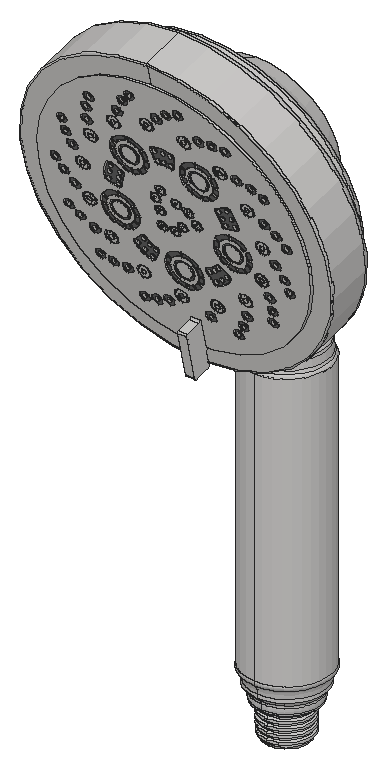
Revit family "VS-4600", category Generic Models, Revit 2023
Family settings
  Can host rebar = No
  Round Connector Dimension = Use Diameter
  Part Type = Normal
  Work Plane-Based = Yes
  Always vertical = Yes
  Cut with Voids When Loaded = No
  Maintain Annotation Orientation = No
  Shared = No
  Room Calculation Point = No
Parameters
  Rubber [instance] = Rubber, Black
  Finish = Stainless Steel, Polished
  Default Elevation = 4' - 0"
Reference planes (in)
  plane 1 "Center (Front/Back)": y = 0.34375
  plane 2: z = -0.12996
  plane 3 "Center (Left/Right)": x = 0
  plane 4: y = -0.52881
  plane 5: through (0, -0.49081, 0.19299) normal (0, 0.9758, -0.2186)
  plane 6: through (0, 0.22604, 0.03236) normal (0, 0.9758, -0.2186)
  plane 7: z = 5.43057
  plane 8: through (0, 0.279, 7.78009) normal (0, -0.9703, -0.2419)
  plane 9: through (0, -2.54616, 10.89836) normal (0, -0.2422, 0.9702)
Forms (in)
  Revolve 1, solid, material "Stainless Steel, Polished" <- "Finish"
    sketch origin (0, 1.07261, -0.01865) x (0, 0.965008, 0.26222) y (0, -0.26222, 0.965008)
      loop
        line (-0.59359, 0.59314) -> (-0.14626, 0.47159)
        arc (-0.14626, 0.47159) -> (-0.12584, 0.47656) -> (-0.10673, 0.48533) r 0.11007
        arc (-0.10673, 0.48533) -> (-0.09855, 0.50004) -> (-0.09254, 0.51577) r 0.11814
        arc (-0.09254, 0.51577) -> (-0.07194, 0.5567) -> (-0.06232, 0.60151) r 0.18032
        arc (-0.06232, 0.60151) -> (-0.04965, 0.63041) -> (-0.02195, 0.64553) r 0.04883
        line (-0.02195, 0.64553) -> (0.04373, 0.69152) -> (0.05731, 0.7521)
        arc (0.05731, 0.7521) -> (0.09657, 0.82497) -> (0.15638, 0.8822) r 0.2654
        arc (0.15638, 0.8822) -> (0.17967, 0.91189) -> (0.18223, 0.94953) r 0.0641
        line (0.18223, 0.94953) -> (-0.45006, 1.12134) -> (-0.59359, 0.59314)
      axis (-0.45006, 1.12134) -> (-0.59359, 0.59314)
    angle from 0 to 360
  Revolve 2, solid, material "Stainless Steel, Polished" <- "Finish"
    sketch origin (0.00076, 0.09521, 8.50788) x (0, -0.276979, 0.960876) y (0, -0.960876, -0.276979)
      loop
        line (-7.80654, 2.37805) -> (-7.83913, 2.38679) -> (-7.85098, 2.43102) -> (-7.88237, 2.43943) -> (-7.9098, 2.412) -> (-7.94018, 2.42015) -> (-7.95021, 2.45761) -> (-7.9816, 2.46602) -> (-8.00903, 2.4386) -> (-8.03941, 2.44674) -> (-8.04944, 2.4842) -> (-8.08084, 2.49261) -> (-8.10826, 2.46519) -> (-8.13864, 2.47333) -> (-8.14868, 2.51079) -> (-8.18007, 2.51921) -> (-8.21245, 2.48683) -> (-8.24814, 2.49645)
        arc (-8.24814, 2.49645) -> (-8.26432, 2.49434) -> (-8.27427, 2.4814) r 0.02131
        line (-8.27427, 2.4814) -> (-8.36657, 2.1612) -> (-7.85918, 2.01494) -> (-7.75016, 2.39315)
        arc (-7.75016, 2.39315) -> (-7.77633, 2.37805) -> (-7.80654, 2.37805) r 0.05837
      axis (-7.85918, 2.01494) -> (-8.36657, 2.1612)
    angle from 0 to 360
  Revolve 3, solid, material "Stainless Steel, Polished" <- "Finish"
    sketch origin (0, 0.41145, 0.33496) x (0, 0.998422, 0.056157) y (0, -0.056157, 0.998422)
      loop
        line (0.75137, 5.4642) -> (0.23958, 5.49298) -> (0.21699, 5.09146) -> (0.87321, 5.05455)
        arc (0.87321, 5.05455) -> (0.8617, 5.08397) -> (0.84082, 5.10767) r 0.0909
        line (0.84082, 5.10767) -> (0.82869, 5.15296) -> (0.82869, 5.27693) -> (0.82485, 5.32074)
        arc (0.82485, 5.32074) -> (0.80023, 5.36816) -> (0.75137, 5.38977) r 0.08061
        line (0.75137, 5.38977) -> (0.75137, 5.4642)
      axis (0.21699, 5.09146) -> (0.23958, 5.49298)
    angle from 0 to 360
  Revolve 4, solid, material "Stainless Steel, Polished" <- "Finish"
    sketch origin (0, 0.3125, 0) x (0, 1, 0) y (0, 0, 1)
      loop
        line (0.68694, 5.43057) -> (0.03125, 5.43057) -> (0.03125, 0.94544) -> (0.68694, 0.94544) -> (0.68694, 5.43057)
      axis (0.03125, 5.43057) -> (0.03125, 0.94544)
    angle from 0 to 360
  Revolve 5, solid, material "Stainless Steel, Polished" <- "Finish"
    sketch origin (0, 1.21411, 0.49925) x (0, 0.970294, 0.241928) y (0, -0.241928, 0.970294)
      loop
        line (-0.34167, 10.75758) -> (-0.34167, 8.49198) -> (0.8541, 8.49198) -> (0.8541, 9.61698)
        arc (0.8541, 9.61698) -> (0.32808, 10.05254) -> (-0.01468, 10.64325) r 1.94248
        arc (-0.01468, 10.64325) -> (-0.04467, 10.68233) -> (-0.09166, 10.69715) r 0.08191
        line (-0.09166, 10.69715) -> (-0.26777, 10.69715)
        arc (-0.26777, 10.69715) -> (-0.31904, 10.70984) -> (-0.34167, 10.75758) r 0.06166
      axis (-0.34167, 8.49198) -> (0.8541, 8.49198)
    angle from 0 to 360
  Revolve 6, solid, material "Stainless Steel, Polished" <- "Finish"
    sketch origin (0, 1.21411, 0.49925) x (0, 0.970294, 0.241928) y (0, -0.241928, 0.970294)
      loop
        arc (-1.08623, 11) -> (-1.1013, 10.99376) -> (-1.10754, 10.97869) r 0.02131
        line (-1.10754, 10.97869) -> (-1.10754, 8.48935) -> (-0.33814, 8.48935) -> (-0.33814, 10.93445)
        arc (-0.33814, 10.93445) -> (-0.36852, 10.98165) -> (-0.42157, 11) r 0.08586
        line (-0.42157, 11) -> (-1.08623, 11)
      axis (-0.33814, 8.48935) -> (-1.10754, 8.48935)
    angle from 0 to 360
  Extrusion 7, solid, material "Stainless Steel, Polished" <- "Finish"
    sketch origin (0, 1.21032, 0.49831) x (0, 0.970294, 0.241928) y (0, -0.241928, 0.970294)
      loop
        line (-1.17492, 6.72711) -> (-1.42149, 6.72711)
        arc (-1.42149, 6.72711) -> (-1.43623, 6.72101) -> (-1.44233, 6.70628) r 0.02083
        line (-1.44233, 6.70628) -> (-1.44233, 5.99937)
        arc (-1.44233, 5.99937) -> (-1.43355, 5.97817) -> (-1.41234, 5.96939) r 0.02998
        line (-1.41234, 5.96939) -> (-1.19415, 5.96939)
        arc (-1.19415, 5.96939) -> (-1.17108, 5.97895) -> (-1.16152, 6.00202) r 0.03263
        line (-1.16152, 6.00202) -> (-1.16152, 6.23403)
        arc (-1.16152, 6.23403) -> (-1.13089, 6.2577) -> (-1.09307, 6.26595) r 0.08813
        line (-1.09307, 6.26595) -> (-1.09307, 6.75614) -> (-1.1459, 6.75614)
        arc (-1.1459, 6.75614) -> (-1.1544, 6.73561) -> (-1.17492, 6.72711) r 0.02902
    from -0.0525 to 0.0929
  Extrusion 8, solid, material "Stainless Steel, Polished" <- "Finish"
    sketch origin (0, 0.10225, 0.22203) x (1, 0, 0) y (0, -0.241928, 0.970294)
      loop
        circle (0, 8.48935) r 2.1891
      loop
        arc (0.2677, 7.71357) -> (0.14987, 7.82826) -> (-0.00949, 7.86875) r 0.31793
        line (-0.00949, 7.86875) -> (-0.00959, 7.77203)
        arc (-0.00959, 7.77203) -> (0.10511, 7.74247) -> (0.18813, 7.65798) r 0.22123
        line (0.18813, 7.65798) -> (0.2677, 7.71357)
      loop
        circle (-0.00744, 7.5528) r 0.12469
      loop
        line (0.18756, 7.44269) -> (0.26701, 7.38694)
        arc (0.26701, 7.38694) -> (0.29869, 7.45813) -> (0.31211, 7.53489) r 0.31793
        line (0.31211, 7.53489) -> (0.21523, 7.53499)
        arc (0.21523, 7.53499) -> (0.20649, 7.48731) -> (0.18756, 7.44269) r 0.22123
      loop
        line (0.21569, 7.54385) -> (0.31243, 7.54375)
        arc (0.31243, 7.54375) -> (0.30315, 7.62738) -> (0.27227, 7.70566) r 0.31793
        line (0.27227, 7.70566) -> (0.19241, 7.64986)
        arc (0.19241, 7.64986) -> (0.21065, 7.5983) -> (0.21569, 7.54385) r 0.22123
      loop
        arc (0.1803, 7.43065) -> (0.14161, 7.38555) -> (0.09231, 7.35237) r 0.22123
        line (0.09231, 7.35237) -> (0.14815, 7.27246)
        arc (0.14815, 7.27246) -> (0.21002, 7.31704) -> (0.2595, 7.37507) r 0.31793
        line (0.2595, 7.37507) -> (0.1803, 7.43065)
      loop
        arc (0.0798, 7.34669) -> (0.03508, 7.33335) -> (-0.01145, 7.32969) r 0.22123
        line (-0.01145, 7.32969) -> (-0.01155, 7.23296)
        arc (-0.01155, 7.23296) -> (0.06427, 7.24064) -> (0.13608, 7.26613) r 0.31793
        line (0.13608, 7.26613) -> (0.0798, 7.34669)
      loop
        arc (-0.02128, 7.33018) -> (-0.07385, 7.34046) -> (-0.12242, 7.36307) r 0.22123
        line (-0.12242, 7.36307) -> (-0.17256, 7.28037)
        arc (-0.17256, 7.28037) -> (-0.09994, 7.24728) -> (-0.02138, 7.2333) r 0.31793
        line (-0.02138, 7.2333) -> (-0.02128, 7.33018)
      loop
        arc (-0.1332, 7.37023) -> (-0.17735, 7.4116) -> (-0.20864, 7.46338) r 0.22123
        line (-0.20864, 7.46338) -> (-0.28906, 7.40719)
        arc (-0.28906, 7.40719) -> (-0.24388, 7.34055) -> (-0.18342, 7.2874) r 0.31793
        line (-0.18342, 7.2874) -> (-0.1332, 7.37023)
      loop
        arc (-0.21138, 7.47005) -> (-0.22353, 7.51377) -> (-0.22651, 7.55905) r 0.22123
        line (-0.22651, 7.55905) -> (-0.32325, 7.55915)
        arc (-0.32325, 7.55915) -> (-0.31637, 7.48452) -> (-0.29221, 7.41358) r 0.31793
        line (-0.29221, 7.41358) -> (-0.21138, 7.47005)
      loop
        arc (-0.22609, 7.56669) -> (-0.21667, 7.61656) -> (-0.19613, 7.66298) r 0.22123
        line (-0.19613, 7.66298) -> (-0.27547, 7.71865)
        arc (-0.27547, 7.71865) -> (-0.30887, 7.64574) -> (-0.32296, 7.56679) r 0.31793
        line (-0.32296, 7.56679) -> (-0.22609, 7.56669)
      loop
        arc (-0.19124, 7.67091) -> (-0.11791, 7.74134) -> (-0.02083, 7.77153) r 0.22123
        line (-0.02083, 7.77153) -> (-0.02073, 7.8684)
        arc (-0.02073, 7.8684) -> (-0.16252, 7.82725) -> (-0.27044, 7.72648) r 0.31793
        line (-0.27044, 7.72648) -> (-0.19124, 7.67091)
      loop
        arc (-0.64602, 8.38057) -> (-0.75488, 8.48809) -> (-0.90136, 8.53231) r 0.31793
        line (-0.90136, 8.53231) -> (-0.90146, 8.43544)
        arc (-0.90146, 8.43544) -> (-0.79972, 8.40217) -> (-0.72551, 8.32503) r 0.22123
        line (-0.72551, 8.32503) -> (-0.64602, 8.38057)
      loop
        circle (-0.91932, 8.21673) r 0.12469
      loop
        line (-0.72518, 8.10509) -> (-0.64579, 8.04938)
        arc (-0.64579, 8.04938) -> (-0.61345, 8.12123) -> (-0.59977, 8.19883) r 0.31793
        line (-0.59977, 8.19883) -> (-0.69665, 8.19893)
        arc (-0.69665, 8.19893) -> (-0.70565, 8.15041) -> (-0.72518, 8.10509) r 0.22123
      loop
        line (-0.69615, 8.20917) -> (-0.59943, 8.20907)
        arc (-0.59943, 8.20907) -> (-0.60889, 8.29199) -> (-0.63961, 8.36959) r 0.31793
        line (-0.63961, 8.36959) -> (-0.71948, 8.3138)
        arc (-0.71948, 8.3138) -> (-0.70138, 8.26292) -> (-0.69615, 8.20917) r 0.22123
      loop
        arc (-0.73158, 8.09458) -> (-0.77171, 8.04821) -> (-0.82303, 8.01464) r 0.22123
        line (-0.82303, 8.01464) -> (-0.76709, 7.93457)
        arc (-0.76709, 7.93457) -> (-0.70327, 7.97969) -> (-0.65238, 8.03901) r 0.31793
        line (-0.65238, 8.03901) -> (-0.73158, 8.09458)
      loop
        arc (-0.83208, 8.01062) -> (-0.86632, 7.9995) -> (-0.90191, 7.99408) r 0.22123
        line (-0.90191, 7.99408) -> (-0.90201, 7.89721)
        arc (-0.90201, 7.89721) -> (-0.8372, 7.9071) -> (-0.7758, 7.93007) r 0.31793
        line (-0.7758, 7.93007) -> (-0.83208, 8.01062)
      loop
        arc (-0.91288, 7.99359) -> (-0.96713, 7.99923) -> (-1.01835, 8.01797) r 0.22123
        line (-1.01835, 8.01797) -> (-1.06858, 7.93513)
        arc (-1.06858, 7.93513) -> (-0.99323, 7.90604) -> (-0.91297, 7.89687) r 0.31793
        line (-0.91297, 7.89687) -> (-0.91288, 7.99359)
      loop
        arc (-1.03193, 8.02556) -> (-1.07588, 8.06051) -> (-1.10961, 8.10541) r 0.22123
        line (-1.10961, 8.10541) -> (-1.18912, 8.04985)
        arc (-1.18912, 8.04985) -> (-1.14205, 7.98989) -> (-1.08207, 7.94286) r 0.31793
        line (-1.08207, 7.94286) -> (-1.03193, 8.02556)
      loop
        arc (-1.11449, 8.11447) -> (-1.13052, 8.15574) -> (-1.138, 8.19938) r 0.22123
        line (-1.138, 8.19938) -> (-1.23488, 8.19948)
        arc (-1.23488, 8.19948) -> (-1.22281, 8.12672) -> (-1.1943, 8.05871) r 0.31793
        line (-1.1943, 8.05871) -> (-1.11449, 8.11447)
      loop
        arc (-1.13848, 8.20962) -> (-1.13395, 8.25961) -> (-1.11826, 8.3073) r 0.22123
        line (-1.11826, 8.3073) -> (-1.19833, 8.36348)
        arc (-1.19833, 8.36348) -> (-1.22648, 8.28893) -> (-1.2352, 8.20972) r 0.31793
        line (-1.2352, 8.20972) -> (-1.13848, 8.20962)
      loop
        arc (-1.11353, 8.31696) -> (-1.03134, 8.40436) -> (-0.91561, 8.436) r 0.22123
        line (-0.91561, 8.436) -> (-0.91551, 8.53271)
        arc (-0.91551, 8.53271) -> (-1.07595, 8.4903) -> (-1.19317, 8.37284) r 0.31793
        line (-1.19317, 8.37284) -> (-1.11353, 8.31696)
      loop
        arc (-0.30936, 9.45984) -> (-0.41613, 9.55643) -> (-0.55455, 9.59601) r 0.31793
        line (-0.55455, 9.59601) -> (-0.55465, 9.49914)
        arc (-0.55465, 9.49914) -> (-0.46089, 9.47065) -> (-0.38864, 9.40446) r 0.22123
        line (-0.38864, 9.40446) -> (-0.30936, 9.45984)
      loop
        circle (-0.57251, 9.28044) r 0.12469
      loop
        line (-0.37752, 9.17029) -> (-0.29808, 9.11454)
        arc (-0.29808, 9.11454) -> (-0.26638, 9.18575) -> (-0.25296, 9.26253) r 0.31793
        line (-0.25296, 9.26253) -> (-0.34983, 9.26263)
        arc (-0.34983, 9.26263) -> (-0.35859, 9.21493) -> (-0.37752, 9.17029) r 0.22123
      loop
        line (-0.34934, 9.27287) -> (-0.25261, 9.27278)
        arc (-0.25261, 9.27278) -> (-0.26464, 9.36527) -> (-0.30299, 9.4503) r 0.31793
        line (-0.30299, 9.4503) -> (-0.38234, 9.39485)
        arc (-0.38234, 9.39485) -> (-0.35695, 9.33627) -> (-0.34934, 9.27287) r 0.22123
      loop
        arc (-0.38476, 9.15829) -> (-0.42323, 9.11339) -> (-0.47222, 9.08028) r 0.22123
        line (-0.47222, 9.08028) -> (-0.4164, 9.00039)
        arc (-0.4164, 9.00039) -> (-0.35482, 9.04488) -> (-0.30556, 9.10271) r 0.31793
        line (-0.30556, 9.10271) -> (-0.38476, 9.15829)
      loop
        arc (-0.48526, 9.07433) -> (-0.53027, 9.06094) -> (-0.57709, 9.05735) r 0.22123
        line (-0.57709, 9.05735) -> (-0.57719, 8.96062)
        arc (-0.57719, 8.96062) -> (-0.50108, 8.96821) -> (-0.42898, 8.99377) r 0.31793
        line (-0.42898, 8.99377) -> (-0.48526, 9.07433)
      loop
        arc (-0.58634, 9.05782) -> (-0.63574, 9.06709) -> (-0.68177, 9.08727) r 0.22123
        line (-0.68177, 9.08727) -> (-0.73191, 9.00457)
        arc (-0.73191, 9.00457) -> (-0.66182, 8.97394) -> (-0.58644, 8.96094) r 0.31793
        line (-0.58644, 8.96094) -> (-0.58634, 9.05782)
      loop
        arc (-0.69826, 9.09787) -> (-0.74119, 9.13775) -> (-0.77215, 9.1875) r 0.22123
        line (-0.77215, 9.1875) -> (-0.85238, 9.13144)
        arc (-0.85238, 9.13144) -> (-0.80769, 9.06677) -> (-0.74849, 9.01504) r 0.31793
        line (-0.74849, 9.01504) -> (-0.69826, 9.09787)
      loop
        arc (-0.77645, 9.1977) -> (-0.78849, 9.2408) -> (-0.79162, 9.28544) r 0.22123
        line (-0.79162, 9.28544) -> (-0.88835, 9.28554)
        arc (-0.88835, 9.28554) -> (-0.88131, 9.21155) -> (-0.85728, 9.14122) r 0.31793
        line (-0.85728, 9.14122) -> (-0.77645, 9.1977)
      loop
        arc (-0.79116, 9.29433) -> (-0.78476, 9.33355) -> (-0.77145, 9.371) r 0.22123
        line (-0.77145, 9.371) -> (-0.85151, 9.42718)
        arc (-0.85151, 9.42718) -> (-0.87704, 9.3628) -> (-0.88803, 9.29443) r 0.31793
        line (-0.88803, 9.29443) -> (-0.79116, 9.29433)
      loop
        arc (-0.76626, 9.38152) -> (-0.68408, 9.46832) -> (-0.56874, 9.4997) r 0.22123
        line (-0.56874, 9.4997) -> (-0.56864, 9.59641)
        arc (-0.56864, 9.59641) -> (-0.72869, 9.55426) -> (-0.84587, 9.43738) r 0.31793
        line (-0.84587, 9.43738) -> (-0.76626, 9.38152)
      loop
        arc (0.82296, 9.4626) -> (0.70721, 9.56398) -> (0.5574, 9.59914) r 0.31793
        line (0.5574, 9.59914) -> (0.5573, 9.50242)
        arc (0.5573, 9.50242) -> (0.66247, 9.47825) -> (0.74369, 9.40721) r 0.22123
        line (0.74369, 9.40721) -> (0.82296, 9.4626)
      loop
        circle (0.55982, 9.28319) r 0.12531
      loop
        line (0.75416, 9.17191) -> (0.83357, 9.11619)
        arc (0.83357, 9.11619) -> (0.86576, 9.18789) -> (0.87937, 9.26529) r 0.31793
        line (0.87937, 9.26529) -> (0.78249, 9.26538)
        arc (0.78249, 9.26538) -> (0.77355, 9.21706) -> (0.75416, 9.17191) r 0.22123
      loop
        line (0.78298, 9.27511) -> (0.87971, 9.27502)
        arc (0.87971, 9.27502) -> (0.86729, 9.36945) -> (0.82745, 9.45596) r 0.31793
        line (0.82745, 9.45596) -> (0.74813, 9.40054)
        arc (0.74813, 9.40054) -> (0.77499, 9.34045) -> (0.78298, 9.27511) r 0.22123
      loop
        arc (0.74757, 9.16104) -> (0.70733, 9.11458) -> (0.65586, 9.08098) r 0.22123
        line (0.65586, 9.08098) -> (0.71181, 9.00089)
        arc (0.71181, 9.00089) -> (0.77577, 9.04605) -> (0.82676, 9.10547) r 0.31793
        line (0.82676, 9.10547) -> (0.74757, 9.16104)
      loop
        arc (0.64706, 9.07708) -> (0.60212, 9.0637) -> (0.55536, 9.0601) r 0.22123
        line (0.55536, 9.0601) -> (0.55526, 8.96337)
        arc (0.55526, 8.96337) -> (0.63131, 8.97098) -> (0.70334, 8.99653) r 0.31793
        line (0.70334, 8.99653) -> (0.64706, 9.07708)
      loop
        arc (0.54598, 9.06057) -> (0.49325, 9.0709) -> (0.44456, 9.09364) r 0.22123
        line (0.44456, 9.09364) -> (0.39443, 9.01094)
        arc (0.39443, 9.01094) -> (0.46716, 8.97772) -> (0.54589, 8.9637) r 0.31793
        line (0.54589, 8.9637) -> (0.54598, 9.06057)
      loop
        arc (0.43407, 9.10063) -> (0.39788, 9.1327) -> (0.36953, 9.17186) r 0.22123
        line (0.36953, 9.17186) -> (0.29002, 9.11631)
        arc (0.29002, 9.11631) -> (0.3316, 9.06197) -> (0.38384, 9.01779) r 0.31793
        line (0.38384, 9.01779) -> (0.43407, 9.10063)
      loop
        arc (0.36575, 9.17879) -> (0.34895, 9.22104) -> (0.34114, 9.26583) r 0.22123
        line (0.34114, 9.26583) -> (0.24427, 9.26593)
        arc (0.24427, 9.26593) -> (0.25667, 9.19203) -> (0.28602, 9.12309) r 0.31793
        line (0.28602, 9.12309) -> (0.36575, 9.17879)
      loop
        arc (0.34064, 9.27743) -> (0.34533, 9.32673) -> (0.36088, 9.37375) r 0.22123
        line (0.36088, 9.37375) -> (0.28082, 9.42993)
        arc (0.28082, 9.42993) -> (0.25282, 9.35604) -> (0.24392, 9.27753) r 0.31793
        line (0.24392, 9.27753) -> (0.34064, 9.27743)
      loop
        arc (0.36425, 9.38074) -> (0.43931, 9.46544) -> (0.54643, 9.50193) r 0.22123
        line (0.54643, 9.50193) -> (0.54653, 9.5988)
        arc (0.54653, 9.5988) -> (0.39457, 9.55161) -> (0.2845, 9.4367) r 0.31793
        line (0.2845, 9.4367) -> (0.36425, 9.38074)
      loop
        arc (1.18256, 8.36918) -> (1.06322, 8.4837) -> (0.9025, 8.52277) r 0.31793
        line (0.9025, 8.52277) -> (0.90241, 8.42602)
        arc (0.90241, 8.42602) -> (1.01847, 8.39794) -> (1.10303, 8.31362) r 0.22123
        line (1.10303, 8.31362) -> (1.18256, 8.36918)
      loop
        circle (0.90832, 8.20689) r 0.12469
      loop
        line (1.11123, 8.11228) -> (1.19128, 8.0561)
        arc (1.19128, 8.0561) -> (1.21686, 8.12054) -> (1.22787, 8.18899) r 0.31793
        line (1.22787, 8.18899) -> (1.131, 8.18908)
        arc (1.131, 8.18908) -> (1.12458, 8.14979) -> (1.11123, 8.11228) r 0.22123
      loop
        line (1.13146, 8.19806) -> (1.22819, 8.19796)
        arc (1.22819, 8.19796) -> (1.2189, 8.28153) -> (1.18803, 8.35975) r 0.31793
        line (1.18803, 8.35975) -> (1.10817, 8.30395)
        arc (1.10817, 8.30395) -> (1.1264, 8.25245) -> (1.13146, 8.19806) r 0.22123
      loop
        arc (1.10519, 8.10018) -> (1.07025, 8.05206) -> (1.02376, 8.01499) r 0.22123
        line (1.02376, 8.01499) -> (1.07924, 7.93558)
        arc (1.07924, 7.93558) -> (1.13857, 7.98359) -> (1.18474, 8.04436) r 0.31793
        line (1.18474, 8.04436) -> (1.10519, 8.10018)
      loop
        arc (1.01507, 8.01007) -> (0.97177, 7.99241) -> (0.92573, 7.98424) r 0.22123
        line (0.92573, 7.98424) -> (0.92564, 7.88737)
        arc (0.92564, 7.88737) -> (1.00078, 7.90013) -> (1.07072, 7.93042) r 0.31793
        line (1.07072, 7.93042) -> (1.01507, 8.01007)
      loop
        arc (0.91802, 7.98384) -> (0.8621, 7.98903) -> (0.80929, 8.00813) r 0.22123
        line (0.80929, 8.00813) -> (0.75907, 7.92529)
        arc (0.75907, 7.92529) -> (0.836, 7.89581) -> (0.91792, 7.88709) r 0.31793
        line (0.91792, 7.88709) -> (0.91802, 7.98384)
      loop
        arc (0.79772, 8.01451) -> (0.75258, 8.04983) -> (0.71803, 8.09556) r 0.22123
        line (0.71803, 8.09556) -> (0.63852, 8.04001)
        arc (0.63852, 8.04001) -> (0.68642, 7.97923) -> (0.74758, 7.93182) r 0.31793
        line (0.74758, 7.93182) -> (0.79772, 8.01451)
      loop
        arc (0.71433, 8.10234) -> (0.69747, 8.14466) -> (0.68964, 8.18953) r 0.22123
        line (0.68964, 8.18953) -> (0.59277, 8.18963)
        arc (0.59277, 8.18963) -> (0.60519, 8.11565) -> (0.63461, 8.04664) r 0.31793
        line (0.63461, 8.04664) -> (0.71433, 8.10234)
      loop
        arc (0.68926, 8.19673) -> (0.69339, 8.24827) -> (0.70938, 8.29745) r 0.22123
        line (0.70938, 8.29745) -> (0.62932, 8.35363)
        arc (0.62932, 8.35363) -> (0.60081, 8.2776) -> (0.5925, 8.19682) r 0.31793
        line (0.5925, 8.19682) -> (0.68926, 8.19673)
      loop
        arc (0.7137, 8.30631) -> (0.78868, 8.38972) -> (0.89493, 8.42563) r 0.22123
        line (0.89493, 8.42563) -> (0.89503, 8.5225)
        arc (0.89503, 8.5225) -> (0.74396, 8.47586) -> (0.63403, 8.36222) r 0.31793
        line (0.63403, 8.36222) -> (0.7137, 8.30631)
      loop
        line (-0.47055, 7.53682) -> (-0.37681, 7.71269)
        arc (-0.37681, 7.71269) -> (-0.37389, 7.74605) -> (-0.39591, 7.77128) r 0.04275
        arc (-0.39591, 7.77128) -> (-0.48916, 7.82949) -> (-0.56788, 7.90623) r 0.51329
        arc (-0.56788, 7.90623) -> (-0.6101, 7.92735) -> (-0.65414, 7.91036) r 0.0584
        line (-0.65414, 7.91036) -> (-0.78441, 7.78035)
        arc (-0.78441, 7.78035) -> (-0.80242, 7.74201) -> (-0.7917, 7.70103) r 0.0622
        arc (-0.7917, 7.70103) -> (-0.67851, 7.58428) -> (-0.53336, 7.511) r 0.4901
        arc (-0.53336, 7.511) -> (-0.49731, 7.5126) -> (-0.47055, 7.53682) r 0.05327
      loop
        circle (-0.52002, 7.58507) r 0.03322
      loop
        circle (-0.63165, 7.65791) r 0.03322
      loop
        circle (-0.72963, 7.73399) r 0.03322
      loop
        circle (-0.4439, 7.72201) r 0.03322
      loop
        circle (-0.53476, 7.7786) r 0.03322
      loop
        circle (-0.61912, 7.84623) r 0.03322
      loop
        line (-1.04896, 8.64566) -> (-0.85273, 8.61085)
        arc (-0.85273, 8.61085) -> (-0.8201, 8.61839) -> (-0.80291, 8.64712) r 0.04275
        arc (-0.80291, 8.64712) -> (-0.77636, 8.7538) -> (-0.7277, 8.85237) r 0.51329
        arc (-0.7277, 8.85237) -> (-0.72066, 8.89905) -> (-0.75043, 8.93569) r 0.0584
        line (-0.75043, 8.93569) -> (-0.91433, 9.01941)
        arc (-0.91433, 9.01941) -> (-0.95636, 9.02469) -> (-0.99202, 9.00183) r 0.0622
        arc (-0.99202, 9.00183) -> (-1.06808, 8.85811) -> (-1.09292, 8.69741) r 0.4901
        arc (-1.09292, 8.69741) -> (-1.08025, 8.66362) -> (-1.04896, 8.64566) r 0.05327
      loop
        circle (-1.01836, 8.70762) r 0.03322
      loop
        circle (-0.98357, 8.83629) r 0.03322
      loop
        circle (-0.94149, 8.95299) r 0.03322
      loop
        circle (-0.86459, 8.67754) r 0.03322
      loop
        circle (-0.83885, 8.78144) r 0.03322
      loop
        circle (-0.8006, 8.88256) r 0.03322
      loop
        line (-0.18558, 9.53623) -> (-0.1557, 9.33919)
        arc (-0.1557, 9.33919) -> (-0.13811, 9.3107) -> (-0.10538, 9.30362) r 0.04275
        arc (-0.10538, 9.30362) -> (0.00418, 9.31263) -> (0.11314, 9.29811) r 0.51329
        arc (0.11314, 9.29811) -> (0.15962, 9.30639) -> (0.18479, 9.34633) r 0.0584
        line (0.18479, 9.34633) -> (0.2116, 9.52841)
        arc (0.2116, 9.52841) -> (0.20314, 9.56992) -> (0.17006, 9.59638) r 0.0622
        arc (0.17006, 9.59638) -> (0.00955, 9.62239) -> (-0.15064, 9.59446) r 0.4901
        arc (-0.15064, 9.59446) -> (-0.17859, 9.57163) -> (-0.18558, 9.53623) r 0.05327
      loop
        circle (-0.11708, 9.52709) r 0.03322
      loop
        circle (0.01595, 9.53535) r 0.03322
      loop
        circle (0.13998, 9.53286) r 0.03322
      loop
        circle (-0.09632, 9.37179) r 0.03322
      loop
        circle (0.01035, 9.38068) r 0.03322
      loop
        circle (0.11839, 9.37684) r 0.03322
      loop
        line (0.93174, 9.00877) -> (0.75516, 8.91636)
        arc (0.75516, 8.91636) -> (0.73394, 8.89046) -> (0.7379, 8.85721) r 0.04275
        arc (0.7379, 8.85721) -> (0.7821, 8.75655) -> (0.80384, 8.64879) r 0.51329
        arc (0.80384, 8.64879) -> (0.8268, 8.60754) -> (0.87276, 8.59675) r 0.0584
        line (0.87276, 8.59675) -> (1.05365, 8.63068)
        arc (1.05365, 8.63068) -> (1.09014, 8.65219) -> (1.10439, 8.69208) r 0.0622
        arc (1.10439, 8.69208) -> (1.07673, 8.85232) -> (0.99817, 8.99468) r 0.4901
        arc (0.99817, 8.99468) -> (0.96749, 9.01368) -> (0.93174, 9.00877) r 0.05327
      loop
        circle (0.94539, 8.94103) r 0.03322
      loop
        circle (0.99651, 8.81793) r 0.03322
      loop
        circle (1.03454, 8.69985) r 0.03322
      loop
        circle (0.80531, 8.87084) r 0.03322
      loop
        circle (0.84845, 8.77287) r 0.03322
      loop
        circle (0.87999, 8.66946) r 0.03322
      loop
        line (0.77817, 7.76031) -> (0.6369, 7.90088)
        arc (0.6369, 7.90088) -> (0.60581, 7.91332) -> (0.5753, 7.89953) r 0.04275
        arc (0.5753, 7.89953) -> (0.49261, 7.82709) -> (0.3964, 7.77392) r 0.51329
        arc (0.3964, 7.77392) -> (0.36397, 7.73961) -> (0.36751, 7.69253) r 0.0584
        line (0.36751, 7.69253) -> (0.45431, 7.53024)
        arc (0.45431, 7.53024) -> (0.48581, 7.50192) -> (0.52814, 7.50034) r 0.0622
        arc (0.52814, 7.50034) -> (0.67262, 7.57495) -> (0.78474, 7.69272) r 0.4901
        arc (0.78474, 7.69272) -> (0.79362, 7.7277) -> (0.77817, 7.76031) r 0.05327
      loop
        circle (0.71768, 7.7269) r 0.03322
      loop
        circle (0.61568, 7.6411) r 0.03322
      loop
        circle (0.51452, 7.56929) r 0.03322
      loop
        circle (0.60858, 7.83935) r 0.03322
      loop
        circle (0.52815, 7.76873) r 0.03322
      loop
        circle (0.43903, 7.70752) r 0.03322
      loop
        circle (0.3663, 8.46228) r 0.08914
      loop
        circle (0.3663, 8.46228) r 0.05801
      loop
        circle (0.26456, 8.6334) r 0.08914
      loop
        circle (0.26456, 8.6334) r 0.05801
      loop
        circle (0.08498, 8.70614) r 0.08914
      loop
        circle (0.08498, 8.70614) r 0.05801
      loop
        circle (-0.14808, 8.85148) r 0.08914
      loop
        circle (-0.14808, 8.85148) r 0.05801
      loop
        circle (-0.25881, 8.68403) r 0.08914
      loop
        circle (-0.25881, 8.68403) r 0.05801
      loop
        circle (-0.22446, 8.48361) r 0.08914
      loop
        circle (-0.22446, 8.48361) r 0.05801
      loop
        circle (0.11569, 8.32952) r 0.08914
      loop
        circle (0.11569, 8.32952) r 0.05801
      loop
        circle (-0.03127, 8.2053) r 0.08914
      loop
        circle (-0.03127, 8.2053) r 0.05801
      loop
        circle (-0.23683, 8.21241) r 0.08914
      loop
        circle (-0.23683, 8.21241) r 0.05801
      loop
        circle (0.11569, 8.32952) r 0.02676
      loop
        circle (0.3663, 8.46228) r 0.02676
      loop
        circle (0.26456, 8.6334) r 0.02676
      loop
        circle (0.08498, 8.70614) r 0.02676
      loop
        circle (-0.14808, 8.85148) r 0.02676
      loop
        circle (-0.25881, 8.68403) r 0.02676
      loop
        circle (-0.22446, 8.48361) r 0.02676
      loop
        circle (-0.23683, 8.21241) r 0.02676
      loop
        circle (-0.03127, 8.2053) r 0.02676
      loop
        circle (0.44923, 7.13148) r 0.11302
      loop
        circle (0.44923, 7.13148) r 0.08738
      loop
        circle (0.44923, 7.13148) r 0.04705
      loop
        circle (0.44923, 7.13148) r 0.03153
      loop
        circle (0.30111, 6.90213) r 0.09087
      loop
        circle (0.30111, 6.90213) r 0.03325
      loop
        circle (-0.15216, 7.0705) r 0.11521
      loop
        circle (-0.15216, 7.0705) r 0.09222
      loop
        circle (-0.15216, 7.0705) r 0.04871
      loop
        circle (-0.38019, 6.90282) r 0.09087
      loop
        circle (-0.38019, 6.90282) r 0.03325
      loop
        circle (-0.99835, 7.20509) r 0.09087
      loop
        circle (-0.99835, 7.20509) r 0.03325
      loop
        circle (-1.43742, 7.69374) r 0.09087
      loop
        circle (-1.43742, 7.69374) r 0.03325
      loop
        circle (-1.6308, 8.3707) r 0.09087
      loop
        circle (-1.6308, 8.3707) r 0.03325
      loop
        circle (-1.54509, 9.06287) r 0.09087
      loop
        circle (-1.54509, 9.06287) r 0.03325
      loop
        circle (-1.2006, 9.63108) r 0.09087
      loop
        circle (-1.2006, 9.63108) r 0.03325
      loop
        circle (-0.63363, 9.99846) r 0.09087
      loop
        circle (-0.63363, 9.99846) r 0.03325
      loop
        circle (0.02578, 10.12594) r 0.09087
      loop
        circle (0.02578, 10.12594) r 0.03325
      loop
        circle (0.6928, 10.00762) r 0.09087
      loop
        circle (0.6928, 10.00762) r 0.03325
      loop
        circle (1.22864, 9.57281) r 0.09087
      loop
        circle (1.22864, 9.57281) r 0.03325
      loop
        circle (1.56164, 8.97062) r 0.09087
      loop
        circle (1.56164, 8.97062) r 0.03325
      loop
        circle (1.61956, 8.30072) r 0.09087
      loop
        circle (1.61956, 8.30072) r 0.03325
      loop
        circle (1.40016, 7.66562) r 0.09087
      loop
        circle (1.40016, 7.66562) r 0.03325
      loop
        circle (0.93204, 7.16465) r 0.09087
      loop
        circle (0.93204, 7.16465) r 0.03325
      loop
        circle (0.96872, 7.43862) r 0.11302
      loop
        circle (0.96872, 7.43862) r 0.08738
      loop
        circle (0.96872, 7.43862) r 0.04705
      loop
        circle (0.96872, 7.43862) r 0.03153
      loop
        circle (1.325, 7.92795) r 0.11302
      loop
        circle (1.325, 7.92795) r 0.08738
      loop
        circle (1.325, 7.92795) r 0.04705
      loop
        circle (1.325, 7.92795) r 0.03153
      loop
        circle (1.44602, 8.51658) r 0.11302
      loop
        circle (1.44602, 8.51658) r 0.08738
      loop
        circle (1.44602, 8.51658) r 0.04705
      loop
        circle (1.44602, 8.51658) r 0.03153
      loop
        circle (1.31196, 9.09993) r 0.11302
      loop
        circle (1.31196, 9.09993) r 0.08738
      loop
        circle (1.31196, 9.09993) r 0.04705
      loop
        circle (1.31196, 9.09993) r 0.03153
      loop
        circle (0.95801, 9.58815) r 0.11302
      loop
        circle (0.95801, 9.58815) r 0.08738
      loop
        circle (0.95801, 9.58815) r 0.04705
      loop
        circle (0.95801, 9.58815) r 0.03153
      loop
        circle (0.43509, 9.89077) r 0.11302
      loop
        circle (0.43509, 9.89077) r 0.08738
      loop
        circle (0.43509, 9.89077) r 0.04705
      loop
        circle (0.43509, 9.89077) r 0.03153
      loop
        circle (-0.16771, 9.95035) r 0.11302
      loop
        circle (-0.16771, 9.95035) r 0.08738
      loop
        circle (-0.16771, 9.95035) r 0.04705
      loop
        circle (-0.16771, 9.95035) r 0.03153
      loop
        circle (-0.74106, 9.7647) r 0.11302
      loop
        circle (-0.74106, 9.7647) r 0.08738
      loop
        circle (-0.74106, 9.7647) r 0.04705
      loop
        circle (-0.74106, 9.7647) r 0.03153
      loop
        circle (-1.18943, 9.35534) r 0.11302
      loop
        circle (-1.18943, 9.35534) r 0.08738
      loop
        circle (-1.18943, 9.35534) r 0.04705
      loop
        circle (-1.18943, 9.35534) r 0.03153
      loop
        circle (-1.42611, 8.79933) r 0.11302
      loop
        circle (-1.42611, 8.79933) r 0.08738
      loop
        circle (-1.42611, 8.79933) r 0.04705
      loop
        circle (-1.42611, 8.79933) r 0.03153
      loop
        circle (-1.42673, 8.19466) r 0.11302
      loop
        circle (-1.42673, 8.19466) r 0.08738
      loop
        circle (-1.42673, 8.19466) r 0.04705
      loop
        circle (-1.42673, 8.19466) r 0.03153
      loop
        circle (-1.17249, 7.648) r 0.11302
      loop
        circle (-1.17249, 7.648) r 0.08738
      loop
        circle (-1.17249, 7.648) r 0.04705
      loop
        circle (-1.17249, 7.648) r 0.03153
      loop
        circle (-0.72624, 7.24537) r 0.11302
      loop
        circle (-0.72624, 7.24537) r 0.08738
      loop
        circle (-0.72624, 7.24537) r 0.04705
      loop
        circle (-0.72624, 7.24537) r 0.03153
      loop
        circle (-0.59026, 6.8348) r 0.09087
      loop
        circle (-0.59026, 6.8348) r 0.03325
      loop
        circle (-0.7976, 6.80348) r 0.08414
      loop
        circle (-0.7976, 6.80348) r 0.03388
      loop
        circle (-1.42618, 7.26896) r 0.08414
      loop
        circle (-1.42618, 7.26896) r 0.03388
      loop
        circle (-1.8094, 7.95277) r 0.08414
      loop
        circle (-1.8094, 7.95277) r 0.03388
      loop
        circle (-1.87707, 8.73534) r 0.08414
      loop
        circle (-1.87707, 8.73534) r 0.03388
      loop
        circle (-1.62908, 9.47646) r 0.08414
      loop
        circle (-1.62908, 9.47646) r 0.03388
      loop
        circle (-1.09032, 10.05303) r 0.08414
      loop
        circle (-1.09032, 10.05303) r 0.03388
      loop
        circle (-0.36778, 10.35887) r 0.08414
      loop
        circle (-0.36778, 10.35887) r 0.03388
      loop
        circle (0.41787, 10.34435) r 0.08414
      loop
        circle (0.41787, 10.34435) r 0.03388
      loop
        circle (1.126, 10.01327) r 0.08414
      loop
        circle (1.126, 10.01327) r 0.03388
      loop
        circle (1.6397, 9.42111) r 0.08414
      loop
        circle (1.6397, 9.42111) r 0.03388
      loop
        circle (1.86764, 8.67281) r 0.08414
      loop
        circle (1.86764, 8.67281) r 0.03388
      loop
        circle (1.72192, 8.09087) r 0.08414
      loop
        circle (1.72192, 8.09087) r 0.03388
      loop
        circle (1.77521, 7.89118) r 0.08414
      loop
        circle (1.77521, 7.89118) r 0.03388
      loop
        circle (1.37329, 7.22825) r 0.08414
      loop
        circle (1.37329, 7.22825) r 0.03388
      loop
        circle (1.40322, 7.43959) r 0.08414
      loop
        circle (1.40322, 7.43959) r 0.03388
      loop
        circle (0.84227, 6.95297) r 0.08414
      loop
        circle (0.84227, 6.95297) r 0.03388
      loop
        circle (0.73027, 6.77414) r 0.08414
      loop
        circle (0.73027, 6.77414) r 0.03388
      loop
        circle (-1.23002, 7.22038) r 0.08414
      loop
        circle (-1.23002, 7.22038) r 0.03388
      loop
        circle (-1.65112, 7.82308) r 0.08414
      loop
        circle (-1.65112, 7.82308) r 0.03388
      loop
        circle (-1.77863, 8.55056) r 0.08414
      loop
        circle (-1.77863, 8.55056) r 0.03388
      loop
        circle (-1.61226, 9.26788) r 0.08414
      loop
        circle (-1.61226, 9.26788) r 0.03388
      loop
        circle (-1.16657, 9.85808) r 0.08414
      loop
        circle (-1.16657, 9.85808) r 0.03388
      loop
        circle (-0.51023, 10.22102) r 0.08414
      loop
        circle (-0.51023, 10.22102) r 0.03388
      loop
        circle (0.21699, 10.25839) r 0.08414
      loop
        circle (0.21699, 10.25839) r 0.03388
      loop
        circle (0.91266, 10.0237) r 0.08414
      loop
        circle (0.91266, 10.0237) r 0.03388
      loop
        circle (1.45288, 9.51892) r 0.08414
      loop
        circle (1.45288, 9.51892) r 0.03388
      loop
        circle (1.73308, 8.83799) r 0.08414
      loop
        circle (1.73308, 8.83799) r 0.03388
      loop
        circle (-0.00744, 7.5528) r 0.16978
      loop
        circle (-0.91932, 8.21673) r 0.16978
      loop
        circle (-0.57251, 9.28044) r 0.16978
      loop
        circle (0.55781, 9.28515) r 0.16978
      loop
        circle (0.90631, 8.20885) r 0.16978
    from -0.05023 to 0
  SweptBlend 9, solid, material "Stainless Steel, Polished" <- "Finish"
    path origin (0, 0, 0.49609) x (0, 1, 0) y (0, 0, 1)
      loop
        arc (0.34218, 5.33664) -> (0.14554, 6.43964) -> (-0.41282, 7.41099) r 3.26107
    profile origin (0, 0.34218, 5.83273) x (0, -0.999993, -0.003788) y (1, 0, 0)
      loop
        circle (0, 0) r 0.5126
    end profile origin (0, -0.41282, 7.90708) x (0, -0.768474, -0.639881) y (1, 0, 0)
      loop
        circle (0, 0) r 0.51172
  Extrusion 10, solid, material "Rubber, Black" <- "Rubber"
    sketch origin (0, 0.10225, 0.22203) x (1, 0, 0) y (0, -0.241928, 0.970294)
      loop
        circle (-0.51023, 10.22102) r 0.08414
      loop
        circle (-0.51023, 10.22102) r 0.03388
      loop
        circle (-0.36778, 10.35887) r 0.03388
      loop
        circle (-0.36778, 10.35887) r 0.08414
      loop
        circle (-0.63363, 9.99846) r 0.09087
      loop
        circle (-0.63363, 9.99846) r 0.03325
      loop
        circle (-0.74106, 9.7647) r 0.11302
      loop
        circle (-0.74106, 9.7647) r 0.08738
      loop
        circle (-0.74106, 9.7647) r 0.04705
      loop
        circle (-0.74106, 9.7647) r 0.03153
      loop
        circle (-1.09032, 10.05303) r 0.03388
      loop
        circle (-1.09032, 10.05303) r 0.08414
      loop
        circle (-1.16657, 9.85808) r 0.08414
      loop
        circle (-1.16657, 9.85808) r 0.03388
      loop
        circle (-1.2006, 9.63108) r 0.03325
      loop
        circle (-1.2006, 9.63108) r 0.09087
      loop
        circle (-1.18943, 9.35534) r 0.04705
      loop
        circle (-1.18943, 9.35534) r 0.03153
      loop
        circle (-1.18943, 9.35534) r 0.08738
      loop
        circle (-1.18943, 9.35534) r 0.11302
      loop
        circle (-1.62908, 9.47646) r 0.08414
      loop
        circle (-1.62908, 9.47646) r 0.03388
      loop
        circle (-1.61226, 9.26788) r 0.03388
      loop
        circle (-1.61226, 9.26788) r 0.08414
      loop
        arc (-1.57469, 9.04771) -> (-1.54509, 9.02962) -> (-1.5155, 9.04771) r 0.03325
        arc (-1.5155, 9.04771) -> (-1.54509, 9.0658) -> (-1.57469, 9.04771) r 0.03325
      loop
        circle (-1.54509, 9.06287) r 0.09087
      loop
        circle (-1.42611, 8.79933) r 0.08738
      loop
        circle (-1.42611, 8.79933) r 0.11302
      loop
        circle (-1.42611, 8.79933) r 0.04705
      loop
        circle (-1.42611, 8.79933) r 0.03153
      loop
        circle (-1.87707, 8.73534) r 0.03388
      loop
        circle (-1.87707, 8.73534) r 0.08414
      loop
        circle (-1.77863, 8.55056) r 0.08414
      loop
        arc (-1.74833, 8.5354) -> (-1.77863, 8.58444) -> (-1.80893, 8.5354) r 0.03388
        arc (-1.80893, 8.5354) -> (-1.77863, 8.48636) -> (-1.74833, 8.5354) r 0.03388
      loop
        circle (-1.6308, 8.3707) r 0.03325
      loop
        circle (-1.6308, 8.3707) r 0.09087
      loop
        circle (-1.42673, 8.19466) r 0.11302
      loop
        circle (-1.42673, 8.19466) r 0.08738
      loop
        circle (-1.42673, 8.19466) r 0.04705
      loop
        circle (-1.42673, 8.19466) r 0.03153
      loop
        circle (-1.8094, 7.95277) r 0.08414
      loop
        circle (-1.8094, 7.95277) r 0.03388
      loop
        circle (-1.65112, 7.82308) r 0.08414
      loop
        circle (-1.65112, 7.82308) r 0.03388
      loop
        circle (-1.43742, 7.69374) r 0.09087
      loop
        circle (-1.43742, 7.69374) r 0.03325
      loop
        circle (-1.17249, 7.648) r 0.11302
      loop
        circle (-1.17249, 7.648) r 0.08738
      loop
        circle (-1.17249, 7.648) r 0.04705
      loop
        circle (-1.17249, 7.648) r 0.03153
      loop
        circle (-0.61912, 7.84623) r 0.03322
      loop
        circle (-0.53476, 7.7786) r 0.03322
      loop
        circle (-0.4439, 7.72201) r 0.03322
      loop
        circle (-0.52002, 7.58507) r 0.03322
      loop
        circle (-0.63165, 7.65791) r 0.03322
      loop
        circle (-0.72963, 7.73399) r 0.03322
      loop
        circle (-0.72624, 7.24537) r 0.11302
      loop
        circle (-0.72624, 7.24537) r 0.08738
      loop
        circle (-0.72624, 7.24537) r 0.04705
      loop
        circle (-0.72624, 7.24537) r 0.03153
      loop
        circle (-0.99835, 7.20509) r 0.09087
      loop
        circle (-0.99835, 7.20509) r 0.03325
      loop
        circle (-1.23002, 7.22038) r 0.08414
      loop
        circle (-1.23002, 7.22038) r 0.03388
      loop
        circle (-1.42618, 7.26896) r 0.08414
      loop
        circle (-1.42618, 7.26896) r 0.03388
      loop
        circle (0.43903, 7.70752) r 0.03322
      loop
        circle (0.52815, 7.76873) r 0.03322
      loop
        circle (0.60858, 7.83935) r 0.03322
      loop
        circle (0.71768, 7.7269) r 0.03322
      loop
        circle (0.61568, 7.6411) r 0.03322
      loop
        circle (0.51452, 7.56929) r 0.03322
      loop
        circle (0.44923, 7.13148) r 0.08738
      loop
        circle (0.44923, 7.13148) r 0.04705
      loop
        circle (0.44923, 7.13148) r 0.03153
      loop
        circle (0.44923, 7.13148) r 0.11302
      loop
        circle (0.41787, 10.34435) r 0.08414
      loop
        circle (0.41787, 10.34435) r 0.03388
      loop
        circle (0.21699, 10.25839) r 0.08414
      loop
        circle (0.21699, 10.25839) r 0.03388
      loop
        circle (0.02578, 10.12594) r 0.03325
      loop
        circle (0.02578, 10.12594) r 0.09087
      loop
        circle (-0.16771, 9.95035) r 0.11302
      loop
        circle (-0.16771, 9.95035) r 0.08738
      loop
        circle (-0.16771, 9.95035) r 0.04705
      loop
        circle (-0.16771, 9.95035) r 0.03153
      loop
        circle (0.43509, 9.89077) r 0.04705
      loop
        circle (0.43509, 9.89077) r 0.03153
      loop
        circle (0.43509, 9.89077) r 0.08738
      loop
        circle (0.43509, 9.89077) r 0.11302
      loop
        circle (0.6928, 10.00762) r 0.09087
      loop
        circle (0.6928, 10.00762) r 0.03325
      loop
        circle (0.91266, 10.0237) r 0.08414
      loop
        circle (0.91266, 10.0237) r 0.03388
      loop
        circle (1.126, 10.01327) r 0.03388
      loop
        circle (1.126, 10.01327) r 0.08414
      loop
        circle (1.22864, 9.57281) r 0.09087
      loop
        circle (1.45288, 9.51892) r 0.03388
      loop
        circle (1.45288, 9.51892) r 0.08414
      loop
        circle (1.6397, 9.42111) r 0.08414
      loop
        circle (1.6397, 9.42111) r 0.03388
      loop
        circle (0.95801, 9.58815) r 0.11302
      loop
        circle (0.95801, 9.58815) r 0.08738
      loop
        circle (0.95801, 9.58815) r 0.03153
      loop
        circle (0.95801, 9.58815) r 0.04705
      loop
        circle (1.31196, 9.09993) r 0.11302
      loop
        circle (1.31196, 9.09993) r 0.08738
      loop
        circle (1.31196, 9.09993) r 0.04705
      loop
        circle (1.31196, 9.09993) r 0.03153
      loop
        circle (1.56164, 8.97062) r 0.03325
      loop
        circle (1.56164, 8.97062) r 0.09087
      loop
        circle (1.73308, 8.83799) r 0.08414
      loop
        arc (1.70278, 8.82283) -> (1.73308, 8.80411) -> (1.76338, 8.82283) r 0.03388
        arc (1.76338, 8.82283) -> (1.73308, 8.84155) -> (1.70278, 8.82283) r 0.03388
      loop
        circle (1.86764, 8.67281) r 0.08414
      loop
        circle (1.86764, 8.67281) r 0.03388
      loop
        circle (1.44602, 8.51658) r 0.11302
      loop
        circle (1.44602, 8.51658) r 0.08738
      loop
        circle (1.44602, 8.51658) r 0.04705
      loop
        circle (1.44602, 8.51658) r 0.03153
      loop
        circle (1.61956, 8.30072) r 0.09087
      loop
        circle (1.61956, 8.30072) r 0.03325
      loop
        circle (1.72192, 8.09087) r 0.03388
      loop
        circle (1.72192, 8.09087) r 0.08414
      loop
        circle (1.77521, 7.89118) r 0.08414
      loop
        circle (1.77521, 7.89118) r 0.03388
      loop
        circle (1.40016, 7.66562) r 0.09087
      loop
        circle (1.40016, 7.66562) r 0.03325
      loop
        circle (1.325, 7.92795) r 0.08738
      loop
        circle (1.325, 7.92795) r 0.04705
      loop
        circle (1.325, 7.92795) r 0.03153
      loop
        circle (1.325, 7.92795) r 0.11302
      loop
        circle (1.40322, 7.43959) r 0.03388
      loop
        circle (1.40322, 7.43959) r 0.08414
      loop
        circle (1.37329, 7.22825) r 0.08414
      loop
        circle (1.37329, 7.22825) r 0.03388
      loop
        circle (0.93204, 7.16465) r 0.09087
      loop
        circle (0.93204, 7.16465) r 0.03325
      loop
        circle (0.84227, 6.95297) r 0.08414
      loop
        circle (0.84227, 6.95297) r 0.03388
      loop
        circle (0.96872, 7.43862) r 0.11302
      loop
        circle (0.96872, 7.43862) r 0.08738
      loop
        circle (0.96872, 7.43862) r 0.04705
      loop
        circle (0.96872, 7.43862) r 0.03153
      loop
        circle (0.73027, 6.77414) r 0.08414
      loop
        circle (0.73027, 6.77414) r 0.03388
      loop
        circle (0.30111, 6.90213) r 0.09087
      loop
        circle (0.30111, 6.90213) r 0.03325
      loop
        circle (-0.15216, 7.0705) r 0.11521
      loop
        circle (-0.15216, 7.0705) r 0.09222
      loop
        circle (-0.15216, 7.0705) r 0.04871
      loop
        circle (-0.38019, 6.90282) r 0.09087
      loop
        circle (-0.38019, 6.90282) r 0.03325
      loop
        circle (-0.59026, 6.8348) r 0.09087
      loop
        circle (-0.59026, 6.8348) r 0.03325
      loop
        circle (-0.7976, 6.80348) r 0.08414
      loop
        circle (-0.7976, 6.80348) r 0.03388
      loop
        circle (0.08498, 8.70614) r 0.05801
      loop
        circle (0.26456, 8.6334) r 0.05801
      loop
        circle (0.3663, 8.46228) r 0.05801
      loop
        circle (0.11569, 8.32952) r 0.05801
      loop
        circle (-0.03127, 8.2053) r 0.05801
      loop
        circle (-0.23683, 8.21241) r 0.05801
      loop
        circle (-0.22446, 8.48361) r 0.05801
      loop
        circle (-0.14808, 8.85148) r 0.05801
      loop
        circle (-0.25881, 8.68403) r 0.05801
      loop
        arc (-0.59211, 9.57218) -> (-0.71787, 9.53345) -> (-0.81421, 9.4438) r 0.2945
        line (-0.81421, 9.4438) -> (-0.77342, 9.41517)
        arc (-0.77342, 9.41517) -> (-0.69488, 9.48917) -> (-0.59216, 9.52219) r 0.24467
        line (-0.59216, 9.52219) -> (-0.59211, 9.57218)
      loop
        line (-0.79079, 9.36548) -> (-0.84555, 9.40391)
        arc (-0.84555, 9.40391) -> (-0.86216, 9.35801) -> (-0.87115, 9.31004) r 0.30231
        line (-0.87115, 9.31004) -> (-0.80525, 9.30997)
        arc (-0.80525, 9.30997) -> (-0.79971, 9.33816) -> (-0.79079, 9.36548) r 0.23686
      loop
        line (-0.80719, 9.26983) -> (-0.87268, 9.2699)
        arc (-0.87268, 9.2699) -> (-0.86637, 9.21642) -> (-0.85066, 9.16491) r 0.30231
        line (-0.85066, 9.16491) -> (-0.79522, 9.20364)
        arc (-0.79522, 9.20364) -> (-0.80357, 9.23631) -> (-0.80719, 9.26983) r 0.23686
      loop
        line (-0.77803, 9.16433) -> (-0.83193, 9.12667)
        arc (-0.83193, 9.12667) -> (-0.79694, 9.0782) -> (-0.75311, 9.03756) r 0.30231
        line (-0.75311, 9.03756) -> (-0.71894, 9.09391)
        arc (-0.71894, 9.09391) -> (-0.75193, 9.12623) -> (-0.77803, 9.16433) r 0.23686
      loop
        circle (-0.57251, 9.28044) r 0.14031
      loop
        circle (-0.57251, 9.28044) r 0.15416
      loop
        arc (0.16504, 9.58158) -> (0.00965, 9.60677) -> (-0.14544, 9.57972) r 0.47447
        arc (-0.14544, 9.57972) -> (-0.16519, 9.56359) -> (-0.17013, 9.53858) r 0.03765
        line (-0.17013, 9.53858) -> (-0.14025, 9.34153)
        arc (-0.14025, 9.34153) -> (-0.12909, 9.32345) -> (-0.10832, 9.31896) r 0.02713
        arc (-0.10832, 9.31896) -> (0.00457, 9.32825) -> (0.11685, 9.31329) r 0.52892
        arc (0.11685, 9.31329) -> (0.1509, 9.31935) -> (0.16933, 9.34861) r 0.04278
        line (0.16933, 9.34861) -> (0.19615, 9.53069)
        arc (0.19615, 9.53069) -> (0.18981, 9.56177) -> (0.16504, 9.58158) r 0.04658
      loop
        arc (0.80091, 9.46625) -> (0.69998, 9.55013) -> (0.57301, 9.58334) r 0.30231
        line (0.57301, 9.58334) -> (0.57294, 9.51783)
        arc (0.57294, 9.51783) -> (0.66969, 9.4921) -> (0.74718, 9.42871) r 0.23686
        line (0.74718, 9.42871) -> (0.80091, 9.46625)
      loop
        arc (0.53089, 9.58196) -> (0.40179, 9.53771) -> (0.30531, 9.44119) r 0.30231
        line (0.30531, 9.44119) -> (0.35899, 9.40352)
        arc (0.35899, 9.40352) -> (0.43207, 9.47938) -> (0.53082, 9.51605) r 0.23686
        line (0.53082, 9.51605) -> (0.53089, 9.58196)
      loop
        arc (0.28677, 9.40666) -> (0.26774, 9.35122) -> (0.25976, 9.29314) r 0.30231
        line (0.25976, 9.29314) -> (0.32527, 9.29307)
        arc (0.32527, 9.29307) -> (0.33033, 9.33132) -> (0.34154, 9.36824) r 0.23686
        line (0.34154, 9.36824) -> (0.28677, 9.40666)
      loop
        arc (0.26111, 9.25029) -> (0.27157, 9.19675) -> (0.29148, 9.14596) r 0.30231
        line (0.29148, 9.14596) -> (0.34587, 9.18397)
        arc (0.34587, 9.18397) -> (0.33402, 9.21641) -> (0.32702, 9.25022) r 0.23686
        line (0.32702, 9.25022) -> (0.26111, 9.25029)
      loop
        arc (0.31127, 9.1121) -> (0.34229, 9.07341) -> (0.37922, 9.04031) r 0.30231
        line (0.37922, 9.04031) -> (0.41339, 9.09667)
        arc (0.41339, 9.09667) -> (0.38714, 9.12128) -> (0.36493, 9.14959) r 0.23686
        line (0.36493, 9.14959) -> (0.31127, 9.1121)
      loop
        arc (0.41602, 9.01642) -> (0.47135, 8.99278) -> (0.53028, 8.98058) r 0.30231
        line (0.53028, 8.98058) -> (0.53034, 9.04648)
        arc (0.53034, 9.04648) -> (0.489, 9.05585) -> (0.44999, 9.07245) r 0.23686
        line (0.44999, 9.07245) -> (0.41602, 9.01642)
      loop
        line (0.82288, 9.4337) -> (0.769, 9.39606)
        arc (0.769, 9.39606) -> (0.78991, 9.34512) -> (0.7985, 9.29072) r 0.23686
        line (0.7985, 9.29072) -> (0.864, 9.29066)
        arc (0.864, 9.29066) -> (0.85238, 9.36475) -> (0.82288, 9.4337) r 0.30231
      loop
        line (0.86249, 9.24968) -> (0.79659, 9.24974)
        arc (0.79659, 9.24974) -> (0.78846, 9.21237) -> (0.77442, 9.17679) r 0.23686
        line (0.77442, 9.17679) -> (0.8285, 9.13883)
        arc (0.8285, 9.13883) -> (0.85086, 9.19261) -> (0.86249, 9.24968) r 0.30231
      loop
        line (0.80501, 9.10164) -> (0.75142, 9.13925)
        arc (0.75142, 9.13925) -> (0.71844, 9.10354) -> (0.67887, 9.07532) r 0.23686
        line (0.67887, 9.07532) -> (0.71649, 9.02148)
        arc (0.71649, 9.02148) -> (0.76475, 9.05714) -> (0.80501, 9.10164) r 0.30231
      loop
        line (0.67983, 9.0029) -> (0.64127, 9.0581)
        arc (0.64127, 9.0581) -> (0.60663, 9.04865) -> (0.57097, 9.04455) r 0.23686
        line (0.57097, 9.04455) -> (0.5709, 8.97906)
        arc (0.5709, 8.97906) -> (0.62647, 8.98592) -> (0.67983, 9.0029) r 0.30231
      loop
        circle (0.55982, 9.28319) r 0.14094
      loop
        circle (0.55781, 9.28515) r 0.15416
      loop
        arc (0.7624, 8.90252) -> (0.74894, 8.88608) -> (0.75145, 8.86498) r 0.02713
        arc (0.75145, 8.86498) -> (0.79699, 8.76126) -> (0.8194, 8.65023) r 0.52892
        arc (0.8194, 8.65023) -> (0.83622, 8.62001) -> (0.86988, 8.61211) r 0.04278
        line (0.86988, 8.61211) -> (1.05077, 8.64603)
        arc (1.05077, 8.64603) -> (1.07809, 8.66215) -> (1.08877, 8.69201) r 0.04658
        arc (1.08877, 8.69201) -> (1.06199, 8.84714) -> (0.98593, 8.98497) r 0.47447
        arc (0.98593, 8.98497) -> (0.96425, 8.99839) -> (0.93898, 8.99492) r 0.03765
        line (0.93898, 8.99492) -> (0.7624, 8.90252)
      loop
        arc (0.87939, 8.50566) -> (0.75118, 8.46196) -> (0.65492, 8.36665) r 0.30231
        line (0.65492, 8.36665) -> (0.70857, 8.329)
        arc (0.70857, 8.329) -> (0.78145, 8.40365) -> (0.87932, 8.43975) r 0.23686
        line (0.87932, 8.43975) -> (0.87939, 8.50566)
      loop
        line (0.91811, 8.50714) -> (0.91805, 8.44166)
        arc (0.91805, 8.44166) -> (1.02569, 8.4118) -> (1.10767, 8.33592) r 0.23686
        line (1.10767, 8.33592) -> (1.16134, 8.37342)
        arc (1.16134, 8.37342) -> (1.05598, 8.46985) -> (0.91811, 8.50714) r 0.30231
      loop
        line (1.18239, 8.33675) -> (1.12786, 8.29865)
        arc (1.12786, 8.29865) -> (1.14139, 8.25705) -> (1.14703, 8.21366) r 0.23686
        line (1.14703, 8.21366) -> (1.21252, 8.2136)
        arc (1.21252, 8.2136) -> (1.20398, 8.27677) -> (1.18239, 8.33675) r 0.30231
      loop
        line (1.21099, 8.17338) -> (1.14509, 8.17345)
        arc (1.14509, 8.17345) -> (1.13953, 8.14518) -> (1.13058, 8.11779) r 0.23686
        line (1.13058, 8.11779) -> (1.18533, 8.07937)
        arc (1.18533, 8.07937) -> (1.20198, 8.12533) -> (1.21099, 8.17338) r 0.30231
      loop
        line (1.16371, 8.04003) -> (1.11009, 8.07766)
        arc (1.11009, 8.07766) -> (1.08128, 8.04098) -> (1.04584, 8.01067) r 0.23686
        line (1.04584, 8.01067) -> (1.08333, 7.95701)
        arc (1.08333, 7.95701) -> (1.12752, 7.99465) -> (1.16371, 8.04003) r 0.30231
      loop
        line (1.04793, 7.93575) -> (1.00998, 7.99006)
        arc (1.00998, 7.99006) -> (0.97642, 7.97749) -> (0.94135, 7.97012) r 0.23686
        line (0.94135, 7.97012) -> (0.94128, 7.90421)
        arc (0.94128, 7.90421) -> (0.99607, 7.91504) -> (1.04793, 7.93575) r 0.30231
      loop
        line (0.90232, 7.90273) -> (0.90238, 7.96821)
        arc (0.90238, 7.96821) -> (0.85792, 7.97395) -> (0.81534, 7.98796) r 0.23686
        line (0.81534, 7.98796) -> (0.78117, 7.93161)
        arc (0.78117, 7.93161) -> (0.84024, 7.91086) -> (0.90232, 7.90273) r 0.30231
      loop
        line (0.74246, 7.95352) -> (0.77644, 8.00956)
        arc (0.77644, 8.00956) -> (0.74189, 8.03842) -> (0.71343, 8.07329) r 0.23686
        line (0.71343, 8.07329) -> (0.65977, 8.0358)
        arc (0.65977, 8.0358) -> (0.69711, 7.99063) -> (0.74246, 7.95352) r 0.30231
      loop
        line (0.64006, 8.06951) -> (0.69444, 8.10751)
        arc (0.69444, 8.10751) -> (0.68255, 8.14002) -> (0.67552, 8.17392) r 0.23686
        line (0.67552, 8.17392) -> (0.60961, 8.17399)
        arc (0.60961, 8.17399) -> (0.62009, 8.12037) -> (0.64006, 8.06951) r 0.30231
      loop
        circle (0.90832, 8.20689) r 0.14031
      loop
        circle (0.90631, 8.20885) r 0.15416
      loop
        line (0.69004, 8.29194) -> (0.63527, 8.33037)
        arc (0.63527, 8.33037) -> (0.61573, 8.27277) -> (0.60812, 8.21243) r 0.30231
        line (0.60812, 8.21243) -> (0.6736, 8.21237)
        arc (0.6736, 8.21237) -> (0.67838, 8.25286) -> (0.69004, 8.29194) r 0.23686
      loop
        arc (0.40245, 7.75952) -> (0.3787, 7.73438) -> (0.38129, 7.6999) r 0.04278
        line (0.38129, 7.6999) -> (0.46809, 7.53761)
        arc (0.46809, 7.53761) -> (0.49168, 7.51641) -> (0.52337, 7.51522) r 0.04658
        arc (0.52337, 7.51522) -> (0.66325, 7.58745) -> (0.77179, 7.70147) r 0.47447
        arc (0.77179, 7.70147) -> (0.77807, 7.72618) -> (0.76715, 7.74923) r 0.03765
        line (0.76715, 7.74923) -> (0.62588, 7.88981)
        arc (0.62588, 7.88981) -> (0.60616, 7.8977) -> (0.58679, 7.88895) r 0.02713
        arc (0.58679, 7.88895) -> (0.50159, 7.81431) -> (0.40245, 7.75952) r 0.52892
      loop
        arc (0.24655, 7.71786) -> (0.14263, 7.81441) -> (0.00612, 7.85293) r 0.30231
        line (0.00612, 7.85293) -> (0.00605, 7.78742)
        arc (0.00605, 7.78742) -> (0.11233, 7.75634) -> (0.19288, 7.68036) r 0.23686
        line (0.19288, 7.68036) -> (0.24655, 7.71786)
      loop
        line (0.26663, 7.68266) -> (0.2121, 7.64455)
        arc (0.2121, 7.64455) -> (0.22564, 7.6029) -> (0.23127, 7.55946) r 0.23686
        line (0.23127, 7.55946) -> (0.29676, 7.55939)
        arc (0.29676, 7.55939) -> (0.28824, 7.62262) -> (0.26663, 7.68266) r 0.30231
      loop
        line (0.29523, 7.51928) -> (0.22932, 7.51935)
        arc (0.22932, 7.51935) -> (0.22139, 7.48262) -> (0.20775, 7.44761) r 0.23686
        line (0.20775, 7.44761) -> (0.26188, 7.40963)
        arc (0.26188, 7.40963) -> (0.2838, 7.46286) -> (0.29523, 7.51928) r 0.30231
      loop
        line (0.23775, 7.37124) -> (0.18415, 7.40886)
        arc (0.18415, 7.40886) -> (0.15271, 7.37451) -> (0.11515, 7.34697) r 0.23686
        line (0.11515, 7.34697) -> (0.15272, 7.29319)
        arc (0.15272, 7.29319) -> (0.199, 7.32812) -> (0.23775, 7.37124) r 0.30231
      loop
        line (0.11257, 7.27251) -> (0.07401, 7.3277)
        arc (0.07401, 7.3277) -> (0.03959, 7.3183) -> (0.00416, 7.31418) r 0.23686
        line (0.00416, 7.31418) -> (0.00409, 7.24868)
